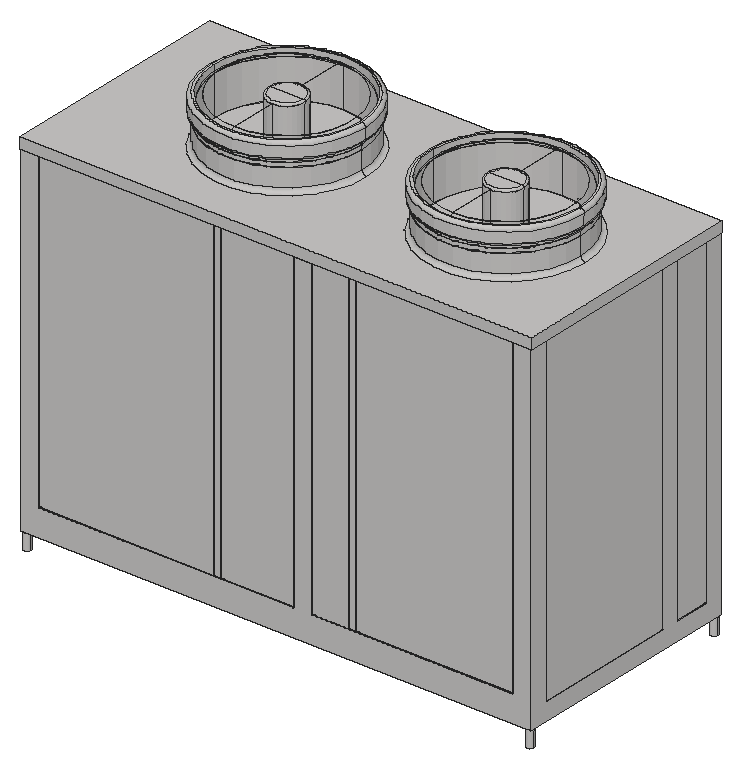
Revit family "QF_NuovAIR_CU-N780T3----", category Specialty Equipment, Revit 2019
Family settings
  Round Connector Dimension = Use Diameter
  Part Type = Normal
  Work Plane-Based = No
  Always vertical = Yes
  Cut with Voids When Loaded = No
  Shared = No
  Room Calculation Point = No
Parameters (values of type "CU-N780T3_400V 50A")
  Weight = 1216.00 kg
  Volts = 400 V
  Volt Free Conn = no
  URL Manufacturer = "https://www.nuovair.com/"
  URL Cutsheet = "N780T3-en-1.pdf"
  URL = ""
  Show Logo [instance] = yes
  Show Clearance [instance] = no
  Refrigeration Suction Line Size = 54 mm
  Refrigeration Liquid Line Size = 28 mm
  Refrigeration Energy Efficiency Index = ""
  Refrigeration Climate Class = ""
  Refrigerant Type = "R452a"
  Refrigerant Compressor Remote = no
  Potential Equalisation = yes
  Phase = 3
  Number of Poles = 3
  Model = "CU-N780T3"
  Mat_Legs = QF_Stainless-Brushed
  Mat_Clearance = QF_Clearance
  Mat_Case = QF_Stainless-Brushed
  Masterspec = ""
  Manufacturer = "NUOVAIR"
  Main switch integrated = no
  Length Actual = 2800 mm  # constant formula
  Legs_R = 20 mm  # constant formula
  Keynote = "0"
  Item Number = "CU-N780T3"
  Identify Quantity as Lot = no
  Horse Power = "50"
  Height Actual = 2285 mm  # constant formula
  Foodservice Equipment Identifier = yes
  Energy Efficiency Labelling = ""
  FL Amps = 105 A
  Electric power = 55000000 W
  Elec Connection Height = 400 mm
  Ele_Note = ""
  Direct Waste Size = 0 mm
  Direct Waste Connection Height = 0 mm
  Description = "Condensing Unit"
  Description_FR = ""
  Description_ES = ""
  Description_EN = ""
  Description_DE = ""
  Depth Actual = 1300 mm  # constant formula
  Cycle = 50 Hz
  Conn Plug = "terminal block"
  CE Approved = yes
  Author = ""
  Accessory = no
Types (3, lengths in mm): name | Volts | FL Amps | Cycle
  CU-N780T3_400V 50A | 400 V | 105 A | 50 Hz
  CU-N780T3_440V 60A | 440 V | 115 A | 60 Hz
  CU-N780T3_230V 60A | 230 V | 219 A | 60 Hz
Reference planes
  plane 1 "Center (Front/Back)": y = 0
  plane 2: z = 0
  plane 3 "Center (Left/Right)": x = 0
  plane 4 "SX": x = -1400
  plane 5 "DX": x = 1400
  plane 6: y = -1300
  plane 7: y = -2100
  plane 8 "top": z = 2285
  plane 9: y = 800
  plane 10: x = 1900
  plane 11: x = -1900
  plane 12 "Base": z = 90
  plane 13: z = 1965
  plane 14: x = -1380
  plane 15: x = 1380
  plane 16: y = -20
  plane 17: y = -1280
  plane 18: z = 2025
  plane 19: z = 190
  plane 20: y = -100
  plane 21: y = -1200
  plane 22: x = -1300
  plane 23: x = 100
  plane 24: x = 200
  plane 25: x = 1300
  plane 26: z = 240
  plane 27: x = -300
  plane 28: x = 400
  plane 29: y = -300
  plane 30: y = -400
  plane 31: x = -340
  plane 32: x = 440
  plane 33 "Ventilator_Y": y = -650
  plane 34 "Ventilator_X_01": x = -460
  plane 35 "Ventilator_X_02": x = 740
Forms (mm)
  Extrusion 1, solid, material "QF_Clearance" <- "Mat_Clearance", visible <- "Show Clearance"
    sketch origin (0, 0, 0) x (1, 0, 0) y (0, 1, 0)
      loop
        line (-1400, 800) -> (-1400, -2100) -> (1400, -2100) -> (1400, 800) -> (-1400, 800)
    from 0 to 2285
  Extrusion 2, solid, material "QF_Clearance" <- "Mat_Clearance", visible <- "Show Clearance"
    sketch origin (0, 0, 0) x (1, 0, 0) y (0, 1, 0)
      loop
        line (-1400, 0) -> (-1400, -1300) -> (1400, -1300) -> (1400, 0) -> (-1400, 0)
    from 0 to 2285
  Extrusion 3, solid, material "QF_Stainless-Brushed" <- "Mat_Case", detail levels medium+fine
    sketch origin (0, 0, 90) x (-1, 0, 0) y (0, -1, 0)
      loop
        line (1400, 0) -> (1400, 1300) -> (-1400, 1300) -> (-1400, 0) -> (1400, 0)
    from 0 to 1875
  Extrusion 4, solid, material "QF_Clearance", visible <- "Show Clearance"
    sketch origin (0, 0, 0) x (1, 0, 0) y (0, 1, 0)
      loop
        line (-1900, -1300) -> (1900, -1300) -> (1900, 0) -> (-1900, 0) -> (-1900, -1300)
    from 0 to 2285
  Extrusion 5, solid, material "QF_Stainless-Brushed" <- "Mat_Legs", detail levels medium+fine
    sketch origin (0, 0, 0) x (1, 0, 0) y (0, 1, 0)
      loop
        circle (-1380, -20) r 20
      loop
        circle (1380, -20) r 20
      loop
        circle (-1380, -1280) r 20
      loop
        circle (1380, -1280) r 20
    from 0 to 90
  Extrusion 6, solid, material "QF_Stainless-Brushed" <- "Mat_Case", detail levels medium+fine
    sketch origin (-1430.553, -1524, 1965) x (-1, 0, 0) y (0, -1, 0)
      loop
        line (-28.553, -1526) -> (-28.553, -222) -> (-2832.553, -222) -> (-2832.553, -1526) -> (-28.553, -1526)
    from 0 to 60
  Sweep 7, void
    path origin (-909.885, -1300, 4000) x (-1, 0, 0) y (0, 0, 1)
      loop
        line (390.115, -2035) -> (390.115, -3760) -> (-1009.885, -3760) -> (-1009.885, -2035)
    profile "PRF_scalpel : PRF_scalpel" origin (-1300, -1300, 1102.5) x (-1, 0, 0) y (0, 1, 0)
      loop
        line (0, 1) -> (-2, -1) -> (-2, -51) -> (2, -51) -> (2, -1) -> (0, 1)
  Sweep 8, void
    path origin (950.115, -1300, 4000) x (-1, 0, 0) y (0, 0, 1)
      loop
        line (-349.885, -2035) -> (-349.885, -3760) -> (750.115, -3760) -> (750.115, -2035)
    profile "PRF_scalpel : PRF_scalpel" origin (1300, -1300, 1102.5) x (-1, 0, 0) y (0, 1, 0)
      loop
        line (0, 1) -> (-2, -1) -> (-2, -51) -> (2, -51) -> (2, -1) -> (0, 1)
  Sweep 9, void
    path origin (0, 0, 0) x (1, 0, 0) y (0, 0, 1)
      loop
        line (1300, 1965) -> (1300, 240) -> (200, 240) -> (200, 1965)
    profile "PRF_scalpel : PRF_scalpel" origin (1300, 0, 1102.5) x (1, 0, 0) y (0, -1, 0)
      loop
        line (0, 1) -> (-2, -1) -> (-2, -51) -> (2, -51) -> (2, -1) -> (0, 1)
  Sweep 10, void
    path origin (-1860, 0, 0) x (1, 0, 0) y (0, 0, 1)
      loop
        line (560, 1965) -> (560, 240) -> (1960, 240) -> (1960, 1965)
    profile "PRF_scalpel : PRF_scalpel" origin (-1300, 0, 1102.5) x (1, 0, 0) y (0, -1, 0)
      loop
        line (0, 1) -> (-2, -1) -> (-2, -51) -> (2, -51) -> (2, -1) -> (0, 1)
  Sweep 11, void
    path origin (-1400, 180.447, 4000) x (0, 1, 0) y (0, 0, 1)
      loop
        line (-280.447, -2035) -> (-280.447, -3810) -> (-480.447, -3810) -> (-480.447, -2035)
    profile "PRF_scalpel : PRF_scalpel" origin (-1400, -100, 1077.5) x (0, 1, 0) y (1, 0, 0)
      loop
        line (0, 1) -> (-2, -1) -> (-2, -51) -> (2, -51) -> (2, -1) -> (0, 1)
  Sweep 12, void
    path origin (-1400, -279.553, 4000) x (0, 1, 0) y (0, 0, 1)
      loop
        line (-920.447, -2035) -> (-920.447, -3810) -> (-120.447, -3810) -> (-120.447, -2035)
    profile "PRF_scalpel : PRF_scalpel" origin (-1400, -1200, 1077.5) x (0, 1, 0) y (1, 0, 0)
      loop
        line (0, 1) -> (-2, -1) -> (-2, -51) -> (2, -51) -> (2, -1) -> (0, 1)
  Sweep 13, void
    path origin (1400, 180.447, 4000) x (0, 1, 0) y (0, 0, 1)
      loop
        line (-1380.447, -2035) -> (-1380.447, -3810) -> (-580.447, -3810) -> (-580.447, -2035)
    profile "PRF_scalpel : PRF_scalpel" origin (1400, -1200, 1077.5) x (0, 1, 0) y (1, 0, 0)
      loop
        line (0, -1) -> (2, 1) -> (2, 51) -> (-2, 51) -> (-2, 1) -> (0, -1)
  Sweep 14, void
    path origin (1400, 640.447, 4000) x (0, 1, 0) y (0, 0, 1)
      loop
        line (-740.447, -2035) -> (-740.447, -3810) -> (-940.447, -3810) -> (-940.447, -2035)
    profile "PRF_scalpel : PRF_scalpel" origin (1400, -300, 1077.5) x (0, 1, 0) y (1, 0, 0)
      loop
        line (0, -1) -> (2, 1) -> (2, 51) -> (-2, 51) -> (-2, 1) -> (0, -1)
  Sweep 15, void
    path origin (-909.885, -1300, 4000) x (-1, 0, 0) y (0, 0, 1)
      loop
        line (-569.885, -2035) -> (-569.885, -3760)
    profile "PRF_scalpel : PRF_scalpel" origin (-340, -1300, 1102.5) x (-1, 0, 0) y (0, 1, 0)
      loop
        line (0, 1) -> (-2, -1) -> (-2, -51) -> (2, -51) -> (2, -1) -> (0, 1)
  Sweep 16, void
    path origin (-794.885, -1300, 4000) x (-1, 0, 0) y (0, 0, 1)
      loop
        line (-494.885, -2035) -> (-494.885, -3760)
    profile "PRF_scalpel : PRF_scalpel" origin (-300, -1300, 1102.5) x (-1, 0, 0) y (0, 1, 0)
      loop
        line (0, 1) -> (-2, -1) -> (-2, -51) -> (2, -51) -> (2, -1) -> (0, 1)
  Sweep 17, void
    path origin (-674.885, -1300, 4000) x (-1, 0, 0) y (0, 0, 1)
      loop
        line (-1114.885, -2035) -> (-1114.885, -3760)
    profile "PRF_scalpel : PRF_scalpel" origin (440, -1300, 1102.5) x (-1, 0, 0) y (0, 1, 0)
      loop
        line (0, 1) -> (-2, -1) -> (-2, -51) -> (2, -51) -> (2, -1) -> (0, 1)
  Sweep 18, void
    path origin (-769.885, -1300, 4000) x (-1, 0, 0) y (0, 0, 1)
      loop
        line (-1169.885, -2035) -> (-1169.885, -3760)
    profile "PRF_scalpel : PRF_scalpel" origin (400, -1300, 1102.5) x (-1, 0, 0) y (0, 1, 0)
      loop
        line (0, 1) -> (-2, -1) -> (-2, -51) -> (2, -51) -> (2, -1) -> (0, 1)
  Sweep 19, void
    path origin (0, 0, 0) x (1, 0, 0) y (0, 0, 1)
      loop
        line (440, 1965) -> (440, 240)
    profile "PRF_scalpel : PRF_scalpel" origin (440, 0, 1102.5) x (1, 0, 0) y (0, -1, 0)
      loop
        line (0, 1) -> (-2, -1) -> (-2, -51) -> (2, -51) -> (2, -1) -> (0, 1)
  Sweep 20, void
    path origin (500, 0, 0) x (1, 0, 0) y (0, 0, 1)
      loop
        line (-100, 1965) -> (-100, 240)
    profile "PRF_scalpel : PRF_scalpel" origin (400, 0, 1102.5) x (1, 0, 0) y (0, -1, 0)
      loop
        line (0, 1) -> (-2, -1) -> (-2, -51) -> (2, -51) -> (2, -1) -> (0, 1)
  Sweep 21, void
    path origin (600, 0, 0) x (1, 0, 0) y (0, 0, 1)
      loop
        line (-900, 1965) -> (-900, 240)
    profile "PRF_scalpel : PRF_scalpel" origin (-300, 0, 1102.5) x (1, 0, 0) y (0, -1, 0)
      loop
        line (0, 1) -> (-2, -1) -> (-2, -51) -> (2, -51) -> (2, -1) -> (0, 1)
  Sweep 22, void
    path origin (660, 0, 0) x (1, 0, 0) y (0, 0, 1)
      loop
        line (-1000, 1965) -> (-1000, 240)
    profile "PRF_scalpel : PRF_scalpel" origin (-340, 0, 1102.5) x (1, 0, 0) y (0, -1, 0)
      loop
        line (0, 1) -> (-2, -1) -> (-2, -51) -> (2, -51) -> (2, -1) -> (0, 1)
Cuts and joins
  joined: Extrusion 1, Extrusion 2
  Sweep 7, Sweep 8, Sweep 9, Sweep 10, Sweep 11, Sweep 12, Sweep 13, Sweep 14, Sweep 15, Sweep 16, Sweep 17, Sweep 18, Sweep 19, Sweep 20, Sweep 21, Sweep 22 cuts Extrusion 3
Lines and regions (mm)
  model lines, style "InvisibleLines"
    curve 1: line (-50, 0, 0) -> (50, 0, 0)
    curve 2: line (0, 50, 0) -> (0, -50, 0)
  model lines, style "QF_Case", detail levels coarse
    curve 3: line (-1400, 0, 0) -> (1400, 0, 0)
    curve 4: line (-1400, -1300, 0) -> (-1400, 0, 0)
    curve 5: line (1400, -1300, 0) -> (-1400, -1300, 0)
    curve 6: line (1400, 0, 0) -> (1400, -1300, 0)
    curve 7: line (1400, -1300, 2285) -> (1400, -1300, 0)
    curve 8: line (1400, 0, 2285) -> (1400, 0, 0)
    curve 9: line (-1400, -1300, 2285) -> (-1400, -1300, 0)
    curve 10: line (-1400, 0, 2285) -> (-1400, 0, 0)
    curve 11: line (-1400, 0, 2285) -> (1400, 0, 2285)
    curve 12: line (-1400, -1300, 2285) -> (-1400, 0, 2285)
    curve 13: line (1400, -1300, 2285) -> (-1400, -1300, 2285)
    curve 14: line (1400, 0, 2285) -> (1400, -1300, 2285)
Dimensions and locks
  curve 1 to plane 3 "Center (Left/Right)" to curve 1 = 50 mm locked, 50 mm locked
  curve 2 to plane 1 "Center (Front/Back)" to curve 2 = 50 mm locked, 50 mm locked
  "Height Actual": plane 8 "top" to level
  "Depth Actual": plane 6 to plane 1 "Center (Front/Back)"
  equal spacing: plane 4 "SX", plane 3 "Center (Left/Right)", plane 5 "DX"
  "Length Actual": plane 4 "SX" to plane 5 "DX"
  plane 6 to plane 1 "Center (Front/Back)" = 1300 mm
  locked: plane 1 "Center (Front/Back)" to plane 9 at 800
  locked: plane 6 to plane 7 at 800
  locked: plane 5 "DX" to plane 10 at 500
  locked: plane 11 to plane 4 "SX" at 500
  locked: plane 12 "Base" to Extrusion 4 at 90
  locked: plane 4 "SX" to plane 14 at 20
  locked: plane 15 to plane 5 "DX" at 20
  locked: plane 16 to plane 1 "Center (Front/Back)" at 20
  locked: Extrusion 6 sketch curve to plane 4 "SX" at 2
  locked: plane 5 "DX" to Extrusion 6 sketch curve at 2
  locked: plane 1 "Center (Front/Back)" to Extrusion 6 sketch curve at 2
  locked: plane 17 to plane 6 at 20
  locked: plane 6 to Extrusion 6 sketch curve at 2
  locked: plane 19 to plane 12 "Base" at 100
  locked: plane 20 to plane 1 "Center (Front/Back)" at 100
  locked: plane 21 to plane 6 at 100
  locked: plane 4 "SX" to plane 22 at 100
  locked: plane 25 to plane 5 "DX" at 100
  locked: plane 26 to plane 19 at 50
  locked: plane 20 to plane 29 at 200
  locked: plane 29 to plane 30 at 100
  locked: plane 13 to plane 12 "Base" at 1875
  locked: plane 18 to plane 13 at 60
  locked: plane 24 to plane 5 "DX" at 1200
  locked: plane 4 "SX" to plane 23 at 1500
  locked: plane 27 to plane 23 at 400
  locked: plane 31 to plane 27 at 40
  locked: plane 24 to plane 28 at 200
  locked: plane 28 to plane 32 at 40
  equal spacing: plane 6, plane 33 "Ventilator_Y", plane 1 "Center (Front/Back)", locked at 650 each
  locked: plane 4 "SX" to plane 34 "Ventilator_X_01" at 940
  locked: plane 35 "Ventilator_X_02" to plane 5 "DX" at 660
  "Legs_R": radius of Extrusion 5 sketch curve  (x4)
  aligned and locked: level to plane 2
  aligned and locked: Extrusion 1 sketch curve to plane 4 "SX"
  aligned and locked: plane 7 to Extrusion 1 sketch curve
  aligned and locked: Extrusion 1 sketch curve to plane 5 "DX"
  aligned and locked: plane 8 "top" to Extrusion 1
  aligned and locked: curve 3 to plane 1 "Center (Front/Back)"
  aligned and locked: curve 5 to plane 6
  aligned and locked: curve 6 to plane 5 "DX"
  aligned and locked: plane 4 "SX" to curve 4
  aligned and locked: plane 8 "top" to curve 8
  aligned and locked: plane 8 "top" to curve 7
  aligned and locked: plane 8 "top" to curve 10
  aligned and locked: plane 8 "top" to curve 9
  aligned and locked: level to curve 8
  aligned and locked: level to curve 7
  aligned and locked: level to curve 10
  aligned and locked: level to curve 9
  aligned and locked: curve 8 to plane 1 "Center (Front/Back)"
  aligned and locked: curve 10 to plane 1 "Center (Front/Back)"
  aligned and locked: plane 6 to curve 7
  aligned and locked: plane 6 to curve 9
  aligned and locked: Extrusion 2 sketch curve to plane 1 "Center (Front/Back)"
  aligned and locked: Extrusion 2 sketch curve to plane 6
  aligned and locked: plane 8 "top" to Extrusion 2
  aligned and locked: curve 11 to plane 1 "Center (Front/Back)"
  aligned and locked: curve 13 to plane 6
  aligned and locked: Extrusion 3 sketch curve to plane 1 "Center (Front/Back)"
  aligned and locked: Extrusion 3 sketch curve to plane 5 "DX"
  aligned and locked: plane 4 "SX" to Extrusion 3 sketch curve
  aligned and locked: Extrusion 1 sketch curve to plane 9
  aligned and locked: Extrusion 4 sketch curve to plane 11
  aligned and locked: plane 10 to Extrusion 4 sketch curve
  aligned and locked: Extrusion 4 sketch curve to plane 6
  aligned and locked: Extrusion 4 sketch curve to plane 1 "Center (Front/Back)"
  aligned and locked: Extrusion 4 to plane 8 "top"
  aligned and locked: Extrusion 4 to level
  aligned and locked: Extrusion 3 to plane 12 "Base"
  aligned and locked: plane 13 to Extrusion 3
  aligned and locked: plane 14 to Extrusion 5 sketch curve  (x2)
  aligned and locked: plane 15 to Extrusion 5 sketch curve  (x2)
  aligned and locked: plane 17 to Extrusion 5 sketch curve  (x2)
  aligned and locked: plane 16 to Extrusion 5 sketch curve  (x2)
  aligned and locked: Extrusion 5 to level
  aligned and locked: Extrusion 6 to plane 13
  aligned and locked: Extrusion 3 sketch curve to plane 6
  aligned and locked: plane 18 to Extrusion 6
  aligned and locked: plane 13 to Sweep 7 sketch curve  (x2)
  aligned and locked: Sweep 7 sketch curve to plane 22
  aligned and locked: plane 13 to Sweep 8 sketch curve  (x2)
  aligned and locked: Sweep 8 sketch curve to plane 25
  aligned and locked: plane 13 to Sweep 9 sketch curve  (x2)
  aligned and locked: plane 25 to Sweep 9 sketch curve
  aligned and locked: plane 13 to Sweep 10 sketch curve  (x2)
  aligned and locked: plane 22 to Sweep 10 sketch curve
  aligned and locked: plane 13 to Sweep 11 sketch curve  (x2)
  aligned and locked: plane 19 to Sweep 11 sketch curve  (x2)
  aligned and locked: plane 20 to Sweep 11 sketch curve
  aligned and locked: plane 13 to Sweep 12 sketch curve  (x2)
  aligned and locked: plane 19 to Sweep 12 sketch curve
  aligned and locked: plane 21 to Sweep 12 sketch curve
  aligned and locked: plane 13 to Sweep 13 sketch curve  (x2)
  aligned and locked: plane 19 to Sweep 13 sketch curve
  aligned and locked: Sweep 13 sketch curve to plane 21
  aligned and locked: plane 13 to Sweep 14 sketch curve  (x2)
  aligned and locked: plane 19 to Sweep 14 sketch curve
  aligned and locked: Sweep 14 sketch curve to plane 20
  aligned and locked: plane 12 "Base" to Extrusion 5
  aligned and locked: plane 26 to Sweep 7 sketch curve
  aligned and locked: plane 23 to Sweep 7 sketch curve
  aligned and locked: Sweep 8 sketch curve to plane 24
  aligned and locked: Sweep 8 sketch curve to plane 26
  aligned and locked: plane 24 to Sweep 9 sketch curve
  aligned and locked: plane 26 to Sweep 9 sketch curve
  aligned and locked: plane 23 to Sweep 10 sketch curve
  aligned and locked: Sweep 10 sketch curve to plane 26
  aligned and locked: plane 30 to Sweep 13 sketch curve
  aligned and locked: Sweep 13 sketch curve to plane 19
  aligned and locked: Sweep 14 sketch curve to plane 29
  aligned and locked: Sweep 14 sketch curve to plane 19
  aligned and locked: plane 29 to Sweep 11 sketch curve
  aligned and locked: plane 30 to Sweep 12 sketch curve
  aligned and locked: Sweep 12 sketch curve to plane 19
  aligned and locked: plane 1 "Center (Front/Back)" to nested 1
  aligned and locked: plane 1 "Center (Front/Back)" to nested 2
  aligned and locked: nested 3 to plane 1 "Center (Front/Back)"
  aligned and locked: nested 3 to plane 4 "SX"
  aligned and locked: plane 5 "DX" to nested 2
  aligned and locked: plane 5 "DX" to nested 1
  aligned and locked: plane 33 "Ventilator_Y" to nested 5
  aligned and locked: nested 5 to plane 35 "Ventilator_X_02"
  aligned and locked: plane 33 "Ventilator_Y" to nested 4
  aligned and locked: nested 4 to plane 34 "Ventilator_X_01"
  aligned and locked: plane 13 to Sweep 15 sketch curve
  aligned and locked: plane 26 to Sweep 15 sketch curve
  aligned and locked: Sweep 15 sketch curve to plane 31
  aligned and locked: plane 13 to Sweep 16 sketch curve
  aligned and locked: plane 26 to Sweep 16 sketch curve
  aligned and locked: Sweep 16 sketch curve to plane 27
  aligned and locked: plane 13 to Sweep 17 sketch curve
  aligned and locked: plane 26 to Sweep 17 sketch curve
  aligned and locked: Sweep 17 sketch curve to plane 32
  aligned and locked: plane 13 to Sweep 18 sketch curve
  aligned and locked: plane 26 to Sweep 18 sketch curve
  aligned and locked: Sweep 18 sketch curve to plane 28
  aligned and locked: plane 13 to Sweep 19 sketch curve
  aligned and locked: plane 26 to Sweep 19 sketch curve
  aligned and locked: plane 32 to Sweep 19 sketch curve
  aligned and locked: plane 13 to Sweep 20 sketch curve
  aligned and locked: plane 26 to Sweep 20 sketch curve
  aligned and locked: plane 28 to Sweep 20 sketch curve
  aligned and locked: plane 13 to Sweep 21 sketch curve
  aligned and locked: plane 26 to Sweep 21 sketch curve
  aligned and locked: plane 27 to Sweep 21 sketch curve
  aligned and locked: plane 13 to Sweep 22 sketch curve
  aligned and locked: plane 26 to Sweep 22 sketch curve
  aligned and locked: plane 31 to Sweep 22 sketch curve
Automatic sketch dimensions
  curve 2 to plane 3 "Center (Left/Right)" = 0 mm
  plane 1 "Center (Front/Back)" to curve 1 = 0 mm
  curve 11 to plane 5 "DX" = 0 mm
  curve 13 to plane 4 "SX" = 0 mm
  Extrusion 2 sketch curve to plane 4 "SX" = 0 mm
  Extrusion 2 sketch curve to plane 5 "DX" = 0 mm
Nested families
  nested 1: "Connection_DxSx" at (1400, 0, 1160), type "KTM", not visible
    with Width_DX 0 mm, Width Offset 0 mm, Depth Offset 350 mm, DX no
  nested 2: "Connection_DxSx" at (1400, 0, 320), type "KTM", not visible
    with Width_DX 0 mm, Width Offset 0 mm, Depth Offset 350 mm, DX no
  nested 3: "Connection_DxSx" at (-1400, 0, 400) x (0, -1, 0) z (0, 0, 1), built-in parameter 1001364 <- "Elec Connection Height", type "KTM", not visible
    with Width_DX 120 mm, Width Offset 60 mm, Depth Offset 0 mm, DX yes
  nested 4: "Ventilator_C" at (-460, -650, 2025) x (-1, 0, 0) z (0, 0, 1), Mat_A <- "Mat_Case", Mat_B <- "Mat_Case", type "Ventilator_C", detail levels medium+fine
    with Mat_C QF_Cross20x20, Mat_B QF_Stainless-Brushed, Mat_A QF_Stainless-Brushed
  nested 5: "Ventilator_C" at (740, -650, 2025) x (-1, 0, 0) z (0, 0, 1), Mat_A <- "Mat_Case", Mat_B <- "Mat_Case", type "Ventilator_C", detail levels medium+fine
    with Mat_C QF_Cross20x20, Mat_B QF_Stainless-Brushed, Mat_A QF_Stainless-Brushed
Connectors
  piping at (1400.5, -350, 1160), diameter 54, driven by "Refrigeration Suction Line Size"
    settings: on nested 1, index 3, connector inside diameter 609.6 mm, connector length 0 mm, flow factor 0, pipe flow 0.0 L/s, pressure drop 0.0 Pa, fitting loss kfactor 0, connector angle 0.00°, fixture units 0, engagement length 0 mm, angle of deflection 0.00°, flow configuration 0, flow direction 1, fitting loss method 0, system type 22, joint type 0, gender type 0, connector reference index -1, connector utility 0, adjustable connector no, is connector primary yes, connector description "Suction Line"
  piping at (1400.5, -350, 320), diameter 28, driven by "Refrigeration Liquid Line Size"
    settings: on nested 2, index 4, connector inside diameter 609.6 mm, connector length 0 mm, flow factor 0, pipe flow 0.0 L/s, pressure drop 0.0 Pa, fitting loss kfactor 0, connector angle 0.00°, fixture units 0, engagement length 0 mm, angle of deflection 0.00°, flow configuration 0, flow direction 2, fitting loss method 0, system type 22, joint type 0, gender type 0, connector reference index -1, connector utility 0, adjustable connector no, is connector primary no, connector description "Liquid Line"
  electrical at (-1400.5, -60, 400), driven by "Number of Poles", driven by "Volts", driven by "Electric power", driven by "Ele_Note"
    settings: on nested 3, index 6, voltage 400 V, apparent load 55000000 VA, apparent load phase1 0 VA, apparent load phase2 0 VA, apparent load phase3 0 VA, power factor 1, load classification "Power", number of poles 3, system type 30, power factor state 1, is connector primary yes, connector utility no, sub classification motor no, connector description ""
Definition of nested family "Connection_DxSx"
  Parameters (values of type "KTM")
    Width_DX [instance] = if(DX, Width Offset * 2, 0 mm)  # 120 mm
    Width Offset [instance] = 60 mm
    Manufacturer = "Gjiom by www.RevitLandia.com"  # constant formula
    Depth Offset [instance] = 50 mm
    Default Elevation = 0 mm
    DX [instance] = yes
  Reference planes
    plane 1 "Center (Front/Back)": y = 0
    plane 2: z = 0
    plane 3 "Center (Left/Right)": x = 0
    plane 4 "Depth Offset": y = -50
    plane 5: x = 60
    plane 6: x = -60
  Forms (mm)
    Extrusion 1, solid
      sketch origin (0, 0, 0) x (1, 0, 0) y (0, 1, 0)
        loop
          circle (60, -50) r 15
      from -0.5 to 0.5
    Extrusion 2, solid
      sketch origin (0, -50, 0) x (-1, 0, 0) y (0, 0, 1)
        loop
          circle (-60, 0) r 15
      from -0.5 to 0.5
    Extrusion 3, solid
      sketch origin (60, 93.537, 4000) x (0, 1, 0) y (0, 0, 1)
        loop
          circle (-143.537, -4000) r 15
      from -0.5 to 0.5
  Lines and regions (mm)
    model lines
      curve 1: line (0, 0, 0) -> (0, -20, 0)
  Dimensions and locks
    "Depth Offset": plane 1 "Center (Front/Back)" to plane 4 "Depth Offset"
    "Width Offset": plane 6 to plane 3 "Center (Left/Right)"
    "Width_DX": plane 6 to plane 5
    aligned and locked: level to plane 2
    aligned and locked: plane 4 "Depth Offset" to Extrusion 1 sketch curve
    aligned and locked: level to Extrusion 2 sketch curve
    aligned and locked: level to Extrusion 3 sketch curve
    aligned and locked: plane 4 "Depth Offset" to Extrusion 3 sketch curve
    aligned and locked: plane 5 to Extrusion 1 sketch curve
    aligned and locked: plane 5 to Extrusion 2 sketch curve
  Automatic sketch dimensions
    curve 1 to plane 3 "Center (Left/Right)" = 0 mm
    plane 1 "Center (Front/Back)" to curve 1 = 0 mm
    plane 1 "Center (Front/Back)" to curve 1 = 20 mm
    radius of Extrusion 1 sketch curve = 15 mm
    radius of Extrusion 2 sketch curve = 15 mm
    radius of Extrusion 3 sketch curve = 15 mm
Definition of nested family "Ventilator_C"
  Parameters (values of type "Ventilator_C")
    Mat_C [instance] = none
    Mat_A [instance] = none
    Default Elevation = 1219.2 mm
    Mat_B [instance] = none
  Reference planes
    plane 1 "Centro (Fronte/Retro)": y = 0
    plane 2: z = 0
    plane 3 "Centro (Sinistra/Destra)": x = 0
    plane 4: z = 205
    plane 5: z = 250
    plane 6: z = 260
    plane 7: z = 25
    plane 8: z = 125
    plane 9: z = 124
    plane 10: z = 126
    plane 11: z = 150
    plane 12: z = 149
    plane 13: z = 151
    plane 14: z = 175
  Forms (mm)
    Revolve 1, solid, material <- "Mat_B"
      sketch origin (0, 0, 0) x (1, 0, 0) y (0, 0, 1)
        loop
          arc (-90, 260) -> (-97.071, 257.071) -> (-100, 250) r 10
          line (-100, 250) -> (-100, 0) -> (0, 0) -> (0, 260) -> (-90, 260)
        axis (0, 260) -> (0, 0)
      angle from 0 to 360
    Revolve 2, solid, material <- "Mat_C"
      sketch origin (0, 0, 0) x (0, 1, 0) y (0, 0, 1)
        loop
          arc (-360, 250) -> (-381.213, 241.213) -> (-390, 220) r 30
          line (-390, 220) -> (-390, 0) -> (-100, 0) -> (-100, 250) -> (-360, 250)
        axis (0, 0) -> (0, 250)
      angle from 0 to 360
    Revolve 3, solid, material <- "Mat_A"
      sketch origin (0, 0, 0) x (1, 0, 0) y (0, 0, 1)
        loop
          arc (-410, 260) -> (-424.142, 254.142) -> (-430, 240) r 20
          line (-430, 240) -> (-430, 180)
          arc (-430, 180) -> (-428.536, 176.464) -> (-425, 175) r 5
          line (-425, 175) -> (-410, 175) -> (-410, 151) -> (-409, 150) -> (-410, 149) -> (-410, 126) -> (-409, 125) -> (-410, 124) -> (-410, 25)
          arc (-410, 25) -> (-417.322, 7.322) -> (-435, 0) r 25
          line (-435, 0) -> (-400, 0) -> (-400, 260) -> (-410, 260)
        axis (0, 260) -> (0, 0)
      angle from 0 to 360
  Dimensions and locks
    locked: plane 5 to level at 250
    locked: plane 6 to level at 260
    locked: plane 3 "Centro (Sinistra/Destra)" to Revolve 1 sketch curve at 100
    Revolve 2 sketch curve to plane 1 "Centro (Fronte/Retro)" = 100 mm
    locked: plane 7 to level at 25
    plane 3 "Centro (Sinistra/Destra)" to Revolve 3 sketch curve = 400 mm
    locked: plane 3 "Centro (Sinistra/Destra)" to Revolve 3 sketch curve at 435
    locked: Revolve 2 sketch curve to plane 1 "Centro (Fronte/Retro)" at 390
    locked: plane 3 "Centro (Sinistra/Destra)" to Revolve 3 sketch curve at 410
    plane 14 to plane 11 to plane 8 to plane 7 = 25 mm locked, 25 mm locked, 100 mm locked
    locked: plane 3 "Centro (Sinistra/Destra)" to Revolve 3 sketch curve at 430
    aligned and locked: level to plane 2
    aligned and locked: Revolve 1 sketch curve to plane 3 "Centro (Sinistra/Destra)"  (x2)
    aligned and locked: Revolve 1 sketch curve to plane 6
    aligned and locked: level to Revolve 1 sketch curve
    aligned and locked: Revolve 2 sketch curve to plane 5
    aligned and locked: plane 2 to Revolve 2 sketch curve
    aligned and locked: Revolve 2 sketch curve to plane 1 "Centro (Fronte/Retro)"
    aligned and locked: level to Revolve 3 sketch curve
    aligned and locked: Revolve 3 sketch curve to plane 3 "Centro (Sinistra/Destra)"
    aligned and locked: plane 7 to Revolve 3 sketch curve
    aligned and locked: Revolve 3 sketch curve to plane 6
    aligned and locked: Revolve 3 sketch curve to plane 14
